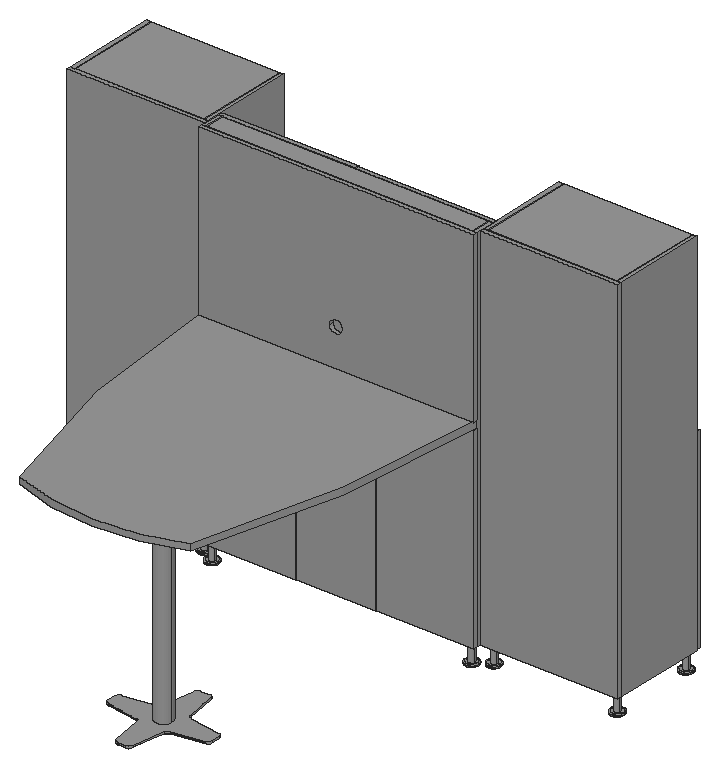
Revit family "MT007", category Furniture, Revit 2015
Parameters
  Series = "Moto"
  Manufacturer = "JSI"
  Description = "MT007"
Reference planes (in)
  plane 1 "Center Front/Back": y = 0
  plane 2: z = 0
  plane 3 "Center Left/Right": x = 0
Dimensions and locks (in)
  aligned and locked: level to plane 2
Nested families (in)
  nested 1: "JSI-MOTO-Wedge-Frstd_Media_Tables" at (-23, 0, 0), type "MTT4872-39MACW - Wedge Top, 48x72 Wksf, 39 H Wksf - Laminate"
    with Leg Distance 1' - 3 3/4", Depth 6' - 0"
  nested 2: "JSI-MOTO-Bookcase_Cab-Single" at (25, -17.25, 0) x (-1, 0, 0) z (0, 0, 1), type "MTT1824-68SDL - Bkcs Strg, L , 68 H - Laminate"
    with c 0' - 2 3/4", Shelf Height 2 4' - 2.58563", Shelf Height 1 3' - 1 3/4", Shelf Height 2' - 0 3/4", Height 5' - 8", Door Height 3' - 1 3/8"
  nested 3: "JSI-MOTO-Bookcase_Cab-Single" at (-23, -17.25, 0) x (-1, 0, 0) z (0, 0, 1), type "MTT1824-68SDR - Bkcs Strg, R , 68 H - Laminate"
    with Shelf Height 2 4' - 2.59", Shelf Height 1 3' - 1 3/4", Shelf Height 2' - 0 3/4", R yes, Insertion point 0' - 0", Height 5' - 8", Door Height 3' - 1.38"
Definition of nested family "JSI-MOTO-Wedge-Frstd_Media_Tables"
  Parameters (values of type "MOTO - BowFront Frstd Media Table - Type Catalog Family")
    Worksurface = none
    Width = 4' - 0"
    URL = "www.jsifurniture.com"
    Type Comments = ""
    Shelf Height = if(Height = 5' 8", 1' 7 3/4", 1' 4 3/4")  # 1' - 7 3/4"
    Shelf = none
    Series = "MOTO"  # constant formula
    Model = "MTT4854-39MACW"
    Material = ""
    Manufacturer = "JSI"  # constant formula
    Legs = none
    Leg Distance = if(Depth = 4' 6", 0' 9 3/4", if(Depth < 6' 6", 1' 3 3/4", if(Depth = 7' 0", 1' 6 1/2", 1' 3 3/4")))  # 0' - 9 3/4"
    Keynote = "12500"
    JSI Environmental Website = "http://www.jsifurniture.com/jsi_sustainability_intro.php"
    Height = 5' - 8"
    Door Front = none
    Description = "Wedge Shape Top, 48\"x54\" Worksurface, 39\" H Worksurface - Laminate"
    Depth = 4' - 6"
    Chassis = none
    Assembly Code = "E2020200"
  Reference planes (in)
    plane 1 "Center Front/Back": y = 0
    plane 2: z = 0
    plane 3 "Center Left/Right": x = 0
    plane 4: z = 0
    plane 5: x = 48
    plane 6: y = -54
    plane 7: z = 68
    plane 8: z = 38.6399
    plane 9: z = 37.4524
    plane 10: y = -18.625
    plane 11: y = -13.625
    plane 12: z = 3.2024
    plane 13: y = -17.875
    plane 14: y = -14.36025
    plane 15: z = 19.75
    plane 16: z = 19
    plane 17: z = 3.9524
    plane 18: y = -0.875
    plane 19: x = 24
    plane 20: y = -44.25
    plane 21: z = 33.4524
    plane 22: z = 37.2649
    plane 23: x = 1.3692
    plane 24: x = 46.62891
    plane 25: y = -1.5005
    plane 26: y = -17.36957
    plane 27: y = -30
    plane 28: z = 39.47483
    plane 29: z = 39.0774
    plane 30: x = 12.125
    plane 31: x = 12.875
    plane 32: x = 35.875
    plane 33: x = 35.125
    plane 34: x = 47.875
    plane 35: x = 0.125
    plane 36: y = -1.125
    plane 37: x = 47.25
    plane 38: x = 0.75
    plane 39: z = 37.3274
    plane 40: z = 36.7024
    plane 41: z = 67.2024
    plane 42: z = 38.2024
    plane 43: z = 2.9524
    plane 44: x = 9.11736
    plane 45: x = 38.88264
    plane 46: y = -50.97293
  Forms (in)
    Extrusion 1, solid, material <- "Worksurface"
      sketch origin (0, 0, 0) x (1, 0, 0) y (0, 1, 0)
        loop
          line (0, 0) -> (0, -14.36025) -> (48, -14.36025) -> (48, 0) -> (0, 0)
      from 37.4524 to 38.6399
    Extrusion 2, solid, material <- "Door Front"
      sketch origin (0, 0, 0) x (1, 0, 0) y (0, 0, 1)
        loop
          line (0, 3.2024) -> (16.9375, 3.2024) -> (16.9375, 37.3274) -> (9.96875, 37.3274)
          arc (9.96875, 37.3274) -> (8.46875, 35.8274) -> (6.96875, 37.3274) r 1.5
          line (6.96875, 37.3274) -> (0, 37.3274) -> (0, 3.2024)
        loop
          line (48, 3.2024) -> (48, 37.3274) -> (41.03125, 37.3274)
          arc (41.03125, 37.3274) -> (39.53125, 35.8274) -> (38.03125, 37.3274) r 1.5
          line (38.03125, 37.3274) -> (31.0625, 37.3274) -> (31.0625, 3.2024) -> (48, 3.2024)
      from 17.875 to 18.625
    Extrusion 3, solid, material <- "Chassis"
      sketch origin (0, 0, 0) x (1, 0, 0) y (0, 0, 1)
        loop
          line (17.125, 33.2024) -> (17.125, 3.2024) -> (30.875, 3.2024) -> (30.875, 33.2024) -> (17.125, 33.2024)
        loop
          line (0, 38.6399) -> (48, 38.6399) -> (48, 68) -> (0, 68) -> (0, 38.6399)
        loop
          circle (24, 45.125) r 1.15604
      from 17.875 to 18.625
    Extrusion 4, solid, material <- "Chassis"
      sketch origin (0, 0, 0) x (1, 0, 0) y (0, 0, 1)
        loop
          line (0, 68) -> (0, 3.2024) -> (0.75, 3.2024) -> (0.75, 68) -> (0, 68)
        loop
          line (48, 3.2024) -> (48, 68) -> (47.25, 68) -> (47.25, 3.2024) -> (48, 3.2024)
      from 14.36025 to 17.875
    Extrusion 5, solid, material <- "Door Front"
      sketch origin (0, 0, 0) x (1, 0, 0) y (0, 0, 1)
        loop
          line (48, 68) -> (24, 68) -> (24, 39.0774) -> (48, 39.0774) -> (48, 68)
        loop
          line (23.875, 39.0774) -> (23.875, 68) -> (0, 68) -> (0, 39.0774) -> (23.875, 39.0774)
      from 13.625 to 14.36025
    Extrusion 6, solid, material <- "Shelf"
      sketch origin (0, 0, 0) x (1, 0, 0) y (0, 0, 1)
        loop
          line (0.125, 19) -> (12.125, 19) -> (12.125, 19.75) -> (0.125, 19.75) -> (0.125, 19)
        loop
          line (35.875, 19) -> (47.875, 19) -> (47.875, 19.75) -> (35.875, 19.75) -> (35.875, 19)
        loop
          line (47.875, 3.9524) -> (0.125, 3.9524) -> (0.125, 3.2024) -> (47.875, 3.2024) -> (47.875, 3.9524)
      from 0.875 to 13.625
    Extrusion 7, solid, material <- "Door Front"
      sketch origin (0, 0, 0) x (1, 0, 0) y (0, 0, 1)
        loop
          line (48, 37.4524) -> (35.125, 37.4524) -> (35.125, 3.2024) -> (48, 3.2024) -> (48, 37.4524)
        loop
          line (12.875, 3.2024) -> (12.875, 37.4524) -> (0, 37.4524) -> (0, 3.2024) -> (12.875, 3.2024)
      from 0.125 to 0.875
    Extrusion 8, solid, material <- "Chassis"
      sketch origin (0, 0, 0) x (1, 0, 0) y (0, 0, 1)
        loop
          line (35.875, 36.7024) -> (35.125, 36.7024) -> (35.125, 3.9524) -> (35.875, 3.9524) -> (35.875, 36.7024)
        loop
          line (12.125, 36.7024) -> (12.125, 3.9524) -> (12.875, 3.9524) -> (12.875, 36.7024) -> (12.125, 36.7024)
      from 0.875 to 13.625
    Extrusion 9, solid, material <- "Shelf"
      sketch origin (0, 0, 0) x (1, 0, 0) y (0, 0, 1)
        loop
          line (35.125, 19.75) -> (12.875, 19.75) -> (12.875, 19) -> (35.125, 19) -> (35.125, 19.75)
      from 1.125 to 13.625
    Extrusion 10, solid, material <- "Chassis"
      sketch origin (0, 0, 0) x (1, 0, 0) y (0, 0, 1)
        loop
          line (0, 37.4524) -> (0, 3.2024) -> (48, 3.2024) -> (48, 37.4524) -> (0, 37.4524)
      from 13.625 to 14.36025
    Extrusion 11, solid, material <- "Chassis"
      sketch origin (0, 0, 0) x (1, 0, 0) y (0, 1, 0)
        loop
          line (17.5, -14.36025) -> (17.5, -37.125) -> (30.5, -37.125) -> (30.5, -14.36025) -> (29.75, -14.36025) -> (29.75, -36.375) -> (18.25, -36.375) -> (18.25, -14.36025) -> (17.5, -14.36025)
      from 33.4524 to 37.4524
    Extrusion 12, solid, material <- "Legs"
      sketch origin (0, 0, 0) x (1, 0, 0) y (0, 1, 0)
        loop
          circle (24, -44.25) r 1.5
      from 0.4524 to 37.2649
    Extrusion 13, solid, material <- "Legs"
      sketch origin (0, 0, 0) x (1, 0, 0) y (0, 1, 0)
        loop
          line (31, -50.74947) -> (31, -37.74957)
          arc (31, -37.74957) -> (30.85355, -37.39601) -> (30.5, -37.24957) r 0.5
          line (30.5, -37.24957) -> (17.5, -37.24957)
          arc (17.5, -37.24957) -> (17.14645, -37.39601) -> (17, -37.74957) r 0.5
          line (17, -37.74957) -> (17, -50.74947)
          arc (17, -50.74947) -> (17.14645, -51.10302) -> (17.5, -51.24947) r 0.5
          line (17.5, -51.24947) -> (30.5, -51.24947)
          arc (30.5, -51.24947) -> (30.85355, -51.10302) -> (31, -50.74947) r 0.5
      from 37.2649 to 37.4524
    Revolve 14, solid, material <- "Legs"
      sketch origin (-31.23506, -1.5005, 48) x (1, 0, 0) y (0, 0, 1)
        loop
          line (33.11209, -47.625) -> (33.11209, -45.0476) -> (32.61209, -45.0476) -> (32.61209, -48) -> (33.66183, -48)
          arc (33.66183, -48) -> (33.75021, -47.96339) -> (33.78683, -47.875) r 0.125
          line (33.78683, -47.875) -> (33.78683, -47.74862)
          arc (33.78683, -47.74862) -> (33.75062, -47.66121) -> (33.6632, -47.625) r 0.12362
          line (33.6632, -47.625) -> (33.11209, -47.625)
        axis (32.61209, -45.0476) -> (32.61209, -48)
      angle from 0 to 360
    Revolve 15, solid, material <- "Legs"
      sketch origin (-31.23506, -17.36957, 48) x (1, 0, 0) y (0, 0, 1)
        loop
          line (33.11209, -47.625) -> (33.11209, -45.0476) -> (32.61209, -45.0476) -> (32.61209, -48) -> (33.66183, -48)
          arc (33.66183, -48) -> (33.75021, -47.96339) -> (33.78683, -47.875) r 0.125
          line (33.78683, -47.875) -> (33.78683, -47.74862)
          arc (33.78683, -47.74862) -> (33.75062, -47.66121) -> (33.6632, -47.625) r 0.12362
          line (33.6632, -47.625) -> (33.11209, -47.625)
        axis (32.61209, -45.0476) -> (32.61209, -48)
      angle from 0 to 360
    Revolve 16, solid, material <- "Legs"
      sketch origin (14.02465, -1.5005, 48) x (1, 0, 0) y (0, 0, 1)
        loop
          line (33.11209, -47.625) -> (33.11209, -45.0476) -> (32.61209, -45.0476) -> (32.61209, -48) -> (33.66183, -48)
          arc (33.66183, -48) -> (33.75021, -47.96339) -> (33.78683, -47.875) r 0.125
          line (33.78683, -47.875) -> (33.78683, -47.74862)
          arc (33.78683, -47.74862) -> (33.75062, -47.66121) -> (33.6632, -47.625) r 0.12362
          line (33.6632, -47.625) -> (33.11209, -47.625)
        axis (32.61209, -45.0476) -> (32.61209, -48)
      angle from 0 to 360
    Revolve 17, solid, material <- "Legs"
      sketch origin (14.02465, -17.36957, 48) x (1, 0, 0) y (0, 0, 1)
        loop
          line (33.11209, -47.625) -> (33.11209, -45.0476) -> (32.61209, -45.0476) -> (32.61209, -48) -> (33.66183, -48)
          arc (33.66183, -48) -> (33.75021, -47.96339) -> (33.78683, -47.875) r 0.125
          line (33.78683, -47.875) -> (33.78683, -47.74862)
          arc (33.78683, -47.74862) -> (33.75062, -47.66121) -> (33.6632, -47.625) r 0.12362
          line (33.6632, -47.625) -> (33.11209, -47.625)
        axis (32.61209, -45.0476) -> (32.61209, -48)
      angle from 0 to 360
    Extrusion 18, solid, material <- "Legs"
      sketch origin (0, 0, 0) x (1, 0, 0) y (0, 1, 0)
        loop
          line (4.23579, -2.30249) -> (1.75329, -0.85239)
          arc (1.75329, -0.85239) -> (1.0033, -0.84859) -> (0.62501, -1.4962) r 0.75
          line (0.62501, -1.4962) -> (0.61044, -4.37116)
          arc (0.61044, -4.37116) -> (0.71893, -4.63688) -> (0.98353, -4.74806) r 0.375
          line (0.98353, -4.74806) -> (3.01839, -4.75837)
          arc (3.01839, -4.75837) -> (3.20614, -4.70908) -> (3.34409, -4.57252) r 0.375
          line (3.34409, -4.57252) -> (4.37045, -2.81544)
          arc (4.37045, -2.81544) -> (4.40936, -2.53108) -> (4.23579, -2.30249) r 0.375
        loop
          line (4.41779, -15.36027) -> (2.64559, -14.36025)
          arc (2.64559, -14.36025) -> (2.36068, -14.32559) -> (2.13471, -14.50255) r 0.375
          line (2.13471, -14.50255) -> (0.72182, -17.00642)
          arc (0.72182, -17.00642) -> (0.72921, -17.75638) -> (1.38239, -18.12496) r 0.75
          line (1.38239, -18.12496) -> (4.25725, -18.09663)
          arc (4.25725, -18.09663) -> (4.52132, -17.98419) -> (4.62854, -17.71795) r 0.375
          line (4.62854, -17.71795) -> (4.60848, -15.68317)
          arc (4.60848, -15.68317) -> (4.5564, -15.49617) -> (4.41779, -15.36027) r 0.375
        loop
          line (43.63279, -2.8228) -> (44.66347, -4.57735)
          arc (44.66347, -4.57735) -> (44.80175, -4.71357) -> (44.98963, -4.7624) r 0.375
          line (44.98963, -4.7624) -> (47.02445, -4.74709)
          arc (47.02445, -4.74709) -> (47.28878, -4.63526) -> (47.39662, -4.36927) r 0.375
          line (47.39662, -4.36927) -> (47.37498, -1.49435)
          arc (47.37498, -1.49435) -> (46.9951, -0.84768) -> (46.24512, -0.85332) r 0.75
          line (46.24512, -0.85332) -> (43.76619, -2.30952)
          arc (43.76619, -2.30952) -> (43.59319, -2.53853) -> (43.63279, -2.8228) r 0.375
        loop
          line (45.35441, -14.36025) -> (43.58221, -15.36027)
          arc (43.58221, -15.36027) -> (43.4436, -15.49617) -> (43.39152, -15.68317) r 0.375
          line (43.39152, -15.68317) -> (43.37146, -17.71795)
          arc (43.37146, -17.71795) -> (43.47868, -17.98419) -> (43.74275, -18.09663) r 0.375
          line (43.74275, -18.09663) -> (46.61761, -18.12496)
          arc (46.61761, -18.12496) -> (47.27079, -17.75638) -> (47.27818, -17.00642) r 0.75
          line (47.27818, -17.00642) -> (45.86529, -14.50255)
          arc (45.86529, -14.50255) -> (45.63932, -14.32559) -> (45.35441, -14.36025) r 0.375
      from 2.9524 to 3.2024
    Extrusion 19, solid, material <- "Worksurface"
      sketch origin (0, 0, 0) x (1, 0, 0) y (0, 1, 0)
        loop
          arc (0, -17.875) -> (2.7527, -34.92145) -> (9.11736, -50.97293) r 79.58344
          arc (9.11736, -50.97293) -> (24, -54) -> (38.88264, -50.97293) r 38.09895
          arc (38.88264, -50.97293) -> (45.2473, -34.92145) -> (48, -17.875) r 79.58344
          line (48, -17.875) -> (0, -17.875)
      from 37.4524 to 38.6399
    Extrusion 20, solid, material <- "Worksurface"
      sketch origin (0, 0, 0) x (1, 0, 0) y (0, 0, 1)
        loop
          line (0.75, 67.2024) -> (47.25, 67.2024) -> (47.25, 68) -> (0.75, 68) -> (0.75, 67.2024)
      from 14.36025 to 17.875
    Extrusion 21, solid, material <- "Chassis"
      sketch origin (0, 0, 0) x (0, 1, 0) y (0, 0, 1)
        loop
          line (-14.36025, 67.2024) -> (-17.875, 67.2024) -> (-17.875, 48.2024) -> (-17.125, 48.2024)
          arc (-17.125, 48.2024) -> (-16.59467, 47.98273) -> (-16.375, 47.4524) r 0.75
          line (-16.375, 47.4524) -> (-16.375, 42.9524)
          arc (-16.375, 42.9524) -> (-16.59467, 42.42207) -> (-17.125, 42.2024) r 0.75
          line (-17.125, 42.2024) -> (-17.875, 42.2024) -> (-17.875, 23.7024) -> (-17.125, 23.7024)
          arc (-17.125, 23.7024) -> (-16.59467, 23.48273) -> (-16.375, 22.9524) r 0.75
          line (-16.375, 22.9524) -> (-16.375, 18.4524)
          arc (-16.375, 18.4524) -> (-16.59467, 17.92207) -> (-17.125, 17.7024) r 0.75
          line (-17.125, 17.7024) -> (-17.875, 17.7024) -> (-17.875, 3.9524) -> (-14.36025, 3.9524) -> (-14.36025, 67.2024)
      from 16.75 to 17.5
    Extrusion 22, solid, material <- "Chassis"
      sketch origin (0, 0, 0) x (0, 1, 0) y (0, 0, 1)
        loop
          line (-14.36025, 67.2024) -> (-17.875, 67.2024) -> (-17.875, 48.2024) -> (-17.125, 48.2024)
          arc (-17.125, 48.2024) -> (-16.59467, 47.98273) -> (-16.375, 47.4524) r 0.75
          line (-16.375, 47.4524) -> (-16.375, 42.9524)
          arc (-16.375, 42.9524) -> (-16.59467, 42.42207) -> (-17.125, 42.2024) r 0.75
          line (-17.125, 42.2024) -> (-17.875, 42.2024) -> (-17.875, 23.7024) -> (-17.125, 23.7024)
          arc (-17.125, 23.7024) -> (-16.59467, 23.48273) -> (-16.375, 22.9524) r 0.75
          line (-16.375, 22.9524) -> (-16.375, 18.4524)
          arc (-16.375, 18.4524) -> (-16.59467, 17.92207) -> (-17.125, 17.7024) r 0.75
          line (-17.125, 17.7024) -> (-17.875, 17.7024) -> (-17.875, 3.9524) -> (-14.36025, 3.9524) -> (-14.36025, 67.2024)
      from 30.5 to 31.25
    Extrusion 23, solid, material <- "Chassis"
      sketch origin (0, 0, 0) x (1, 0, 0) y (0, 1, 0)
        loop
          line (0.75, -17.875) -> (5.75, -17.875) -> (5.75, -16.625)
          arc (5.75, -16.625) -> (5.82322, -16.44822) -> (6, -16.375) r 0.25
          line (6, -16.375) -> (11.5, -16.375)
          arc (11.5, -16.375) -> (11.67678, -16.44822) -> (11.75, -16.625) r 0.25
          line (11.75, -16.625) -> (11.75, -17.875) -> (21, -17.875) -> (21, -16.625)
          arc (21, -16.625) -> (21.07322, -16.44822) -> (21.25, -16.375) r 0.25
          line (21.25, -16.375) -> (26.75, -16.375)
          arc (26.75, -16.375) -> (26.92678, -16.44822) -> (27, -16.625) r 0.25
          line (27, -16.625) -> (27, -17.875) -> (36.25, -17.875) -> (36.25, -16.625)
          arc (36.25, -16.625) -> (36.32322, -16.44822) -> (36.5, -16.375) r 0.25
          line (36.5, -16.375) -> (42, -16.375)
          arc (42, -16.375) -> (42.17678, -16.44822) -> (42.25, -16.625) r 0.25
          line (42.25, -16.625) -> (42.25, -17.875) -> (47.25, -17.875) -> (47.25, -14.36025) -> (0.75, -14.36025) -> (0.75, -17.875)
      from 37.4524 to 38.2024
  Cuts and joins
    joined: Extrusion 1, Extrusion 19
  Lines and regions (in)
    symbolic lines
      curve 1: line (0, -13.625, 0) -> (48, -13.625, 0)
      curve 2: line (48, -18.625, 0) -> (0, -18.625, 0)
      curve 3: line (48, 0, 0) -> (0, 0, 0)
      curve 6: line (0, -18.625, 0) -> (0, 0, 0)
      curve 7: line (48, -18.625, 0) -> (48, 0, 0)
      curve 8: arc (0, -17.875, 37.4524) -> (2.7527, -34.92145, 37.4524) -> (9.11736, -50.97293, 37.4524) r 79.58344
      curve 9: arc (48, -17.875, 37.4524) -> (45.2473, -34.92145, 37.4524) -> (38.88264, -50.97293, 37.4524) r 79.58344
      curve 10: arc (9.11736, -50.97293, 37.4524) -> (24, -54, 37.4524) -> (38.88264, -50.97293, 37.4524) r 38.09895
    symbolic lines, detail levels medium+fine
      curve 4: line (12.875, -13.625, 0) -> (12.875, 0, 0)
      curve 5: line (35.125, -13.625, 0) -> (35.125, 0, 0)
  Dimensions and locks (in)
    "Width": plane 3 "Center Left/Right" to plane 5
    "Depth": plane 6 to plane 1 "Center Front/Back"
    "Height": plane 7 to plane 4
    locked: plane 8 to plane 9 at 1.1875
    locked: plane 7 to plane 8 at 29.3601
    "Leg Distance": plane 20 to plane 6
    locked: plane 9 to plane 21 at 4
    Extrusion 13 sketch curve to plane 20 to Extrusion 13 sketch curve = 0' - 6.99947" locked, 0' - 7.00043" locked
    Extrusion 13 sketch curve to plane 19 to Extrusion 13 sketch curve = 0' - 7" locked, 0' - 7" locked
    plane 42 to plane 9 to plane 22 to plane 40 = 0' - 0 3/4" locked, 0' - 0 3/16" locked, 0' - 0 9/16" locked
    plane 3 "Center Left/Right" to plane 23 = 0' - 1.3692"
    plane 24 to plane 5 = 0' - 1 95/256"
    locked: plane 6 to plane 27 at 24
    Extrusion 11 sketch curve to Extrusion 11 sketch curve to plane 11 = 0' - 0 3/4" locked, 1' - 10 3/4" locked
    locked: plane 15 to plane 16 at 0.75
    "Shelf Height": plane 15 to plane 4
    plane 28 to level = 3' - 3.47483"
    locked: Extrusion 3 sketch curve to plane 8 at 6.4851
    locked: plane 29 to plane 8 at 0.4375
    plane 33 to plane 32 to plane 5 = 0' - 0 3/4" locked, 1' - 0 1/8" locked
    plane 3 "Center Left/Right" to plane 30 to plane 31 = 1' - 0 1/8" locked, 0' - 0 3/4" locked
    locked: plane 34 to plane 5 at 0.125
    locked: plane 3 "Center Left/Right" to plane 35 at 0.125
    plane 10 to plane 13 to plane 14 to plane 11 to plane 25 to plane 18 to plane 1 "Center Front/Back" = 0' - 0 3/4" locked, 0' - 3.51475" locked, 0' - 0.73525" locked, 1' - 0.1245" locked, 0' - 0.6255" locked, 0' - 0 7/8" locked
    locked: plane 36 to plane 18 at 0.25
    locked: plane 3 "Center Left/Right" to plane 38 at 0.75
    locked: plane 37 to plane 5 at 0.75
    locked: plane 39 to plane 22 at 0.0625
    locked: plane 7 to plane 41 at 0.7976
    plane 17 to plane 12 to plane 43 to level = 0' - 0 3/4" locked, 0' - 0 1/4" locked, 0' - 2.9524" locked
    Extrusion 21 sketch curve to Extrusion 21 sketch curve to Extrusion 22 = 0' - 6" locked, 1' - 1 3/4" locked
    Extrusion 21 sketch curve to Extrusion 21 sketch curve to Extrusion 20 = 0' - 6" locked, 1' - 7" locked
    locked: Extrusion 21 sketch curve to Extrusion 4 at 1.5
    Extrusion 22 sketch curve to Extrusion 22 sketch curve to Extrusion 20 = 0' - 6" locked, 1' - 7" locked
    Extrusion 22 sketch curve to Extrusion 22 sketch curve to Extrusion 22 sketch curve = 0' - 6" locked, 1' - 1 3/4" locked
    locked: Extrusion 22 sketch curve to Extrusion 4 at 1.5
    locked: plane 1 "Center Front/Back" to Extrusion 7 at 0.125
    Extrusion 20 to Extrusion 23 sketch curve to Extrusion 23 sketch curve to Extrusion 23 sketch curve = 0' - 5" locked, 0' - 6" locked, 0' - 9 1/4" locked
    Extrusion 23 sketch curve to Extrusion 23 sketch curve to Extrusion 23 sketch curve to Extrusion 20 = 0' - 9 1/4" locked, 0' - 6" locked, 0' - 5" locked
    locked: Extrusion 20 to Extrusion 23 sketch curve at 1.5
    locked: plane 3 "Center Left/Right" to plane 44 at 9.11736
    locked: plane 45 to plane 5 at 9.11736
    locked: plane 46 to plane 6 at 3.02707
    aligned and locked: level to plane 2
    aligned and locked: Extrusion 1 to plane 8
    aligned and locked: plane 9 to Extrusion 1
    aligned and locked: Extrusion 11 to plane 9
    aligned and locked: plane 21 to Extrusion 11
    aligned and locked: Extrusion 13 to plane 9
    aligned and locked: plane 22 to Extrusion 13
    aligned and locked: plane 19 to nested 1
    aligned and locked: nested 1 to plane 20
    aligned and locked: Extrusion 19 to plane 8
    aligned and locked: plane 9 to Extrusion 19
    aligned and locked: plane 29 to Extrusion 5  (x2)
    aligned and locked: plane 30 to Extrusion 8
    aligned and locked: Extrusion 8 to plane 31
    aligned and locked: plane 33 to Extrusion 8
    aligned and locked: Extrusion 8 to plane 32
    aligned and locked: plane 32 to Extrusion 6  (x2)
    aligned and locked: Extrusion 6 to plane 34
    aligned and locked: plane 35 to Extrusion 6
    aligned and locked: Extrusion 6 to plane 30
    aligned and locked: Extrusion 6 to plane 18
    aligned and locked: Extrusion 5 to plane 11
    aligned and locked: Extrusion 9 to plane 36
    aligned and locked: plane 11 to Extrusion 9
    aligned and locked: curve 4 to plane 31
    aligned and locked: curve 5 to plane 33
    aligned and locked: Extrusion 7 to plane 31
    aligned and locked: plane 33 to Extrusion 7
    aligned and locked: plane 5 to Extrusion 7
    aligned and locked: Extrusion 7 to plane 3 "Center Left/Right"
    aligned and locked: Extrusion 10 to plane 11
    aligned and locked: Extrusion 20 to plane 14
    aligned and locked: plane 14 to Extrusion 5
    aligned and locked: Extrusion 5 to plane 3 "Center Left/Right"
    aligned and locked: plane 5 to Extrusion 5
    aligned and locked: plane 5 to Extrusion 10
    aligned and locked: Extrusion 10 to plane 3 "Center Left/Right"
    aligned and locked: plane 11 to Extrusion 10
    aligned and locked: plane 14 to Extrusion 10
    aligned and locked: plane 14 to cut or joined group of Extrusion 1, Extrusion 19  (x2)
    aligned and locked: cut or joined group of Extrusion 1, Extrusion 19 to plane 1 "Center Front/Back"  (x2)
    aligned and locked: cut or joined group of Extrusion 1, Extrusion 19 to plane 3 "Center Left/Right"  (x2)
    aligned and locked: plane 5 to cut or joined group of Extrusion 1, Extrusion 19  (x2)
    aligned and locked: Extrusion 23 to plane 14
    aligned and locked: plane 13 to Extrusion 20
    aligned and locked: Extrusion 20 to plane 37
    aligned and locked: plane 38 to Extrusion 20
    aligned and locked: Extrusion 4 to plane 38  (x2)
    aligned and locked: plane 37 to Extrusion 4
    aligned and locked: Extrusion 23 to Extrusion 4
    aligned and locked: Extrusion 4 to plane 37
    aligned and locked: plane 5 to Extrusion 4
    aligned and locked: Extrusion 4 to plane 3 "Center Left/Right"
    aligned and locked: Extrusion 4 to plane 14
    aligned and locked: plane 13 to Extrusion 4
    aligned and locked: Extrusion 3 to plane 13
    aligned and locked: plane 10 to Extrusion 3
    aligned and locked: Extrusion 3 to plane 3 "Center Left/Right"
    aligned and locked: plane 5 to Extrusion 3
    aligned and locked: Extrusion 2 to plane 13
    aligned and locked: plane 10 to Extrusion 2
    aligned and locked: plane 5 to Extrusion 2
    aligned and locked: Extrusion 2 to plane 3 "Center Left/Right"
    aligned and locked: Extrusion 21 to plane 14
    aligned and locked: plane 13 to Extrusion 21
    aligned and locked: plane 13 to Extrusion 22
    aligned and locked: Extrusion 22 to plane 14
    aligned and locked: Extrusion 11 to plane 14  (x2)
    aligned and locked: plane 31 to Extrusion 9
    aligned and locked: Extrusion 9 to plane 33
    aligned and locked: plane 36 to Extrusion 9
    aligned and locked: Extrusion 9 to plane 11
    aligned and locked: plane 7 to Extrusion 3
    aligned and locked: plane 12 to Extrusion 3
    aligned and locked: plane 12 to Extrusion 10
    aligned and locked: Extrusion 10 to plane 9
    aligned and locked: Extrusion 2 to plane 39  (x3)
    aligned and locked: plane 12 to Extrusion 2  (x2)
    aligned and locked: Extrusion 8 to plane 40  (x2)
    aligned and locked: plane 17 to Extrusion 21
    aligned and locked: plane 17 to Extrusion 8
    aligned and locked: plane 12 to Extrusion 7  (x2)
    aligned and locked: Extrusion 7 to plane 9  (x2)
    aligned and locked: Extrusion 6 to plane 15  (x2)
    aligned and locked: Extrusion 9 to plane 15
    aligned and locked: Extrusion 6 to plane 16
    aligned and locked: plane 16 to Extrusion 9
    aligned and locked: plane 16 to Extrusion 6
    aligned and locked: plane 17 to Extrusion 22
    aligned and locked: Extrusion 22 to plane 41
    aligned and locked: plane 7 to Extrusion 20
    aligned and locked: plane 41 to Extrusion 20
    aligned and locked: plane 7 to Extrusion 5  (x2)
    aligned and locked: cut or joined group of Extrusion 1, Extrusion 19 to plane 8
    aligned and locked: plane 9 to cut or joined group of Extrusion 1, Extrusion 19
    aligned and locked: Extrusion 23 to plane 42
    aligned and locked: plane 9 to Extrusion 23
    aligned and locked: plane 8 to cut or joined group of Extrusion 1, Extrusion 19  (x2)
    aligned and locked: cut or joined group of Extrusion 1, Extrusion 19 to plane 9  (x2)
    aligned and locked: Extrusion 11 to plane 21
    aligned and locked: Extrusion 13 to plane 22  (x2)
    aligned and locked: plane 9 to Extrusion 13
    aligned and locked: plane 12 to Extrusion 4  (x2)
    aligned and locked: plane 7 to Extrusion 4  (x2)
    aligned and locked: Extrusion 18 to plane 12
    aligned and locked: plane 43 to Extrusion 18
    aligned and locked: Extrusion 12 to nested 1
    aligned and locked: Extrusion 21 sketch curve to Extrusion 21 sketch curve  (x3)
    aligned and locked: Extrusion 22 sketch curve to Extrusion 22 sketch curve  (x3)
    aligned and locked: plane 17 to Extrusion 6
    aligned and locked: plane 18 to Extrusion 7
    aligned and locked: Extrusion 23 sketch curve to Extrusion 23 sketch curve  (x5)
    aligned and locked: Extrusion 12 to plane 22
    aligned and locked: plane 44 to Extrusion 19 sketch curve
    aligned and locked: plane 46 to Extrusion 19 sketch curve  (x2)
    aligned and locked: plane 45 to Extrusion 19 sketch curve
    aligned and locked: plane 13 to Extrusion 23
    aligned and locked: plane 46 to curve 8
    aligned and locked: plane 45 to curve 9
    aligned and locked: plane 44 to curve 10
    aligned and locked: plane 46 to curve 10
  Automatic sketch dimensions
    curve 7 to plane 5 = 0' - 0"
    plane 10 to curve 6 = 0' - 0"
    plane 11 to curve 4 = 0' - 0"
    plane 1 "Center Front/Back" to curve 5 = 0' - 0"
    Extrusion 1 sketch curve to plane 3 "Center Left/Right" = 0' - 0"
    Extrusion 1 sketch curve to plane 5 = 0' - 0"
    plane 14 to Extrusion 1 sketch curve = 0' - 0"
    plane 1 "Center Front/Back" to Extrusion 1 sketch curve = 0' - 0"
    Extrusion 2 sketch curve to plane 3 "Center Left/Right" = 0' - 0"
    Extrusion 2 sketch curve to plane 39 = 0' - 0"  (x2)
    Extrusion 2 sketch curve to plane 12 = 0' - 0"  (x2)
    Extrusion 2 sketch curve to plane 5 = 0' - 0"
    Extrusion 2 sketch curve to plane 31 = 0' - 4 1/16"
    plane 33 to Extrusion 2 sketch curve = 0' - 4 1/16"
    Extrusion 3 sketch curve to plane 3 "Center Left/Right" = 0' - 0"
    Extrusion 3 sketch curve to plane 12 = 0' - 0"
    plane 19 to Extrusion 3 sketch curve = 0' - 0"
    Extrusion 3 sketch curve to plane 5 = 0' - 0"
    Extrusion 3 sketch curve to plane 8 = 0' - 0"
    Extrusion 3 sketch curve to plane 7 = 0' - 0"
    Extrusion 3 sketch curve to plane 31 = 0' - 4 1/4"
    plane 21 to Extrusion 3 sketch curve = 0' - 0 1/4"
    plane 33 to Extrusion 3 sketch curve = 0' - 4 1/4"
    Extrusion 4 sketch curve to plane 3 "Center Left/Right" = 0' - 0"
    Extrusion 4 sketch curve to plane 12 = 0' - 0"  (x2)
    plane 38 to Extrusion 4 sketch curve = 0' - 0"
    plane 37 to Extrusion 4 sketch curve = 0' - 0"
    Extrusion 4 sketch curve to plane 5 = 0' - 0"
    Extrusion 4 sketch curve to plane 7 = 0' - 0"  (x2)
    Extrusion 5 sketch curve to plane 3 "Center Left/Right" = 0' - 0"
    Extrusion 5 sketch curve to plane 7 = 0' - 0"  (x2)
    Extrusion 5 sketch curve to plane 29 = 0' - 0"  (x2)
    plane 19 to Extrusion 5 sketch curve = 0' - 0"
    plane 5 to Extrusion 5 sketch curve = 0' - 0"
    Extrusion 5 sketch curve to Extrusion 5 sketch curve = 0' - 0 1/8"
    Extrusion 6 sketch curve to plane 16 = 0' - 0"  (x2)
    plane 35 to Extrusion 6 sketch curve = 0' - 0"  (x2)
    plane 17 to Extrusion 6 sketch curve = 0' - 0"
    plane 15 to Extrusion 6 sketch curve = 0' - 0"
    plane 30 to Extrusion 6 sketch curve = 0' - 0"
    Extrusion 6 sketch curve to plane 15 = 0' - 0"
    plane 32 to Extrusion 6 sketch curve = 0' - 0"
    plane 34 to Extrusion 6 sketch curve = 0' - 0"  (x2)
    Extrusion 6 sketch curve to plane 12 = 0' - 0"
    Extrusion 7 sketch curve to plane 3 "Center Left/Right" = 0' - 0"
    Extrusion 7 sketch curve to plane 9 = 0' - 0"  (x2)
    plane 31 to Extrusion 7 sketch curve = 0' - 0"
    plane 33 to Extrusion 7 sketch curve = 0' - 0"
    Extrusion 7 sketch curve to plane 5 = 0' - 0"
    Extrusion 7 sketch curve to plane 12 = 0' - 0"
    plane 12 to Extrusion 7 sketch curve = 0' - 0"
    Extrusion 8 sketch curve to plane 17 = 0' - 0"  (x2)
    plane 30 to Extrusion 8 sketch curve = 0' - 0"
    Extrusion 8 sketch curve to plane 31 = 0' - 0"
    plane 33 to Extrusion 8 sketch curve = 0' - 0"
    plane 32 to Extrusion 8 sketch curve = 0' - 0"
    Extrusion 8 sketch curve to plane 40 = 0' - 0"  (x2)
    Extrusion 9 sketch curve to plane 15 = 0' - 0"
    plane 31 to Extrusion 9 sketch curve = 0' - 0"
    Extrusion 9 sketch curve to plane 16 = 0' - 0"
    plane 33 to Extrusion 9 sketch curve = 0' - 0"
    Extrusion 10 sketch curve to plane 3 "Center Left/Right" = 0' - 0"
    Extrusion 10 sketch curve to plane 5 = 0' - 0"
    plane 12 to Extrusion 10 sketch curve = 0' - 0"
    Extrusion 10 sketch curve to plane 9 = 0' - 0"
    Extrusion 11 sketch curve to plane 14 = 0' - 0"
    plane 14 to Extrusion 11 sketch curve = 0' - 0"
    Extrusion 11 sketch curve to plane 31 = 0' - 4 5/8"
    Extrusion 11 sketch curve to Extrusion 11 sketch curve = 0' - 0 3/4"  (x2)
    plane 33 to Extrusion 11 sketch curve = 0' - 5 3/8"
    Extrusion 12 sketch curve to plane 19 = 0' - 0"
    Extrusion 12 sketch curve to plane 20 = 0' - 0"
    Extrusion 13 sketch curve to Extrusion 13 sketch curve = 0' - 0 1/2"  (x4)
    Revolve 14 sketch curve to level = 0' - 0"
    Revolve 14 sketch curve to plane 43 = 0' - 0"
    plane 23 to Revolve 14 sketch curve = 0' - 0.00783"  (x2)
    Revolve 14 sketch curve to Revolve 14 sketch curve = 0' - 0 1/2"
    Revolve 14 sketch curve to Revolve 14 sketch curve = 0' - 0.54974"
    Revolve 14 sketch curve to Revolve 14 sketch curve = 0' - 0.00138"
    Revolve 14 sketch curve to Revolve 14 sketch curve = 0' - 0 1/8"
    Revolve 14 sketch curve to Revolve 14 sketch curve = 0' - 0.12638"
    Revolve 14 sketch curve to level = 0' - 2.0476"
    Revolve 14 sketch curve to Revolve 14 sketch curve = 0' - 1"
    Revolve 15 sketch curve to level = 0' - 0"
    Revolve 15 sketch curve to plane 43 = 0' - 0"
    plane 23 to Revolve 15 sketch curve = 0' - 0.00783"  (x2)
    Revolve 15 sketch curve to Revolve 15 sketch curve = 0' - 0 1/2"
    Revolve 15 sketch curve to Revolve 15 sketch curve = 0' - 0.54974"
    Revolve 15 sketch curve to Revolve 15 sketch curve = 0' - 0.00138"
    Revolve 15 sketch curve to Revolve 15 sketch curve = 0' - 0 1/8"
    Revolve 15 sketch curve to Revolve 15 sketch curve = 0' - 0.12638"
    Revolve 15 sketch curve to level = 0' - 2.0476"
    Revolve 15 sketch curve to Revolve 15 sketch curve = 0' - 1"
    Revolve 16 sketch curve to level = 0' - 0"
    Revolve 16 sketch curve to plane 43 = 0' - 0"
    plane 24 to Revolve 16 sketch curve = 0' - 0.00783"  (x2)
    plane 37 to Revolve 16 sketch curve = 0' - 0.11326"
    plane 34 to Revolve 16 sketch curve = 0' - 0.18852"
    plane 34 to Revolve 16 sketch curve = 0' - 0.18715"
    plane 34 to Revolve 16 sketch curve = 0' - 0.06352"
    Revolve 16 sketch curve to Revolve 16 sketch curve = 0' - 0.12638"
    Revolve 16 sketch curve to level = 0' - 2.0476"
    plane 43 to Revolve 16 sketch curve = 0' - 1"
    Revolve 17 sketch curve to level = 0' - 0"
    Revolve 17 sketch curve to plane 43 = 0' - 0"
    plane 24 to Revolve 17 sketch curve = 0' - 0.00783"  (x2)
    plane 37 to Revolve 17 sketch curve = 0' - 0.11326"
    plane 34 to Revolve 17 sketch curve = 0' - 0.18852"
    plane 34 to Revolve 17 sketch curve = 0' - 0.18715"
    plane 34 to Revolve 17 sketch curve = 0' - 0.06352"
    Revolve 17 sketch curve to Revolve 17 sketch curve = 0' - 0.12638"
    Revolve 17 sketch curve to level = 0' - 2.0476"
    plane 43 to Revolve 17 sketch curve = 0' - 1"
    plane 14 to Extrusion 18 sketch curve = 0' - 0"  (x2)
    plane 38 to Extrusion 18 sketch curve = 0' - 0.13956"
    Extrusion 18 sketch curve to plane 25 = 0' - 0.0043"
    plane 38 to Extrusion 18 sketch curve = 0' - 0 1/8"
    plane 38 to Extrusion 18 sketch curve = 0' - 0.02818"
    Extrusion 18 sketch curve to plane 38 = 0' - 0.23353"
    Extrusion 18 sketch curve to plane 38 = 0' - 0.23543"
    Extrusion 18 sketch curve to plane 25 = 0' - 0.0005"  (x2)
    plane 23 to Extrusion 18 sketch curve = 0' - 0.0058"  (x2)
    plane 23 to Extrusion 18 sketch curve = 0' - 0.01319"
    Extrusion 18 sketch curve to plane 18 = 0' - 0.02261"
    plane 14 to Extrusion 18 sketch curve = 0' - 0.1423"  (x2)
    plane 23 to Extrusion 18 sketch curve = 0' - 0.76551"
    Extrusion 18 sketch curve to Extrusion 18 sketch curve = 0' - 0.32659"  (x2)
    Extrusion 18 sketch curve to Extrusion 18 sketch curve = 0' - 0.18429"  (x3)
    plane 23 to Extrusion 18 sketch curve = 0' - 1.64919"
    Extrusion 18 sketch curve to Extrusion 18 sketch curve = 0' - 0.0019"
    Extrusion 18 sketch curve to Extrusion 18 sketch curve = 0' - 0.32381"  (x2)
    Extrusion 18 sketch curve to Extrusion 18 sketch curve = 0' - 1.02636"
    Extrusion 18 sketch curve to Extrusion 18 sketch curve = 0' - 1.7722"
    plane 25 to Extrusion 18 sketch curve = 0' - 0.80199"
    Extrusion 18 sketch curve to Extrusion 18 sketch curve = 0' - 0.18914"
    Extrusion 18 sketch curve to plane 13 = 0' - 0.15335"  (x2)
    Extrusion 18 sketch curve to Extrusion 18 sketch curve = 0' - 0.02005"  (x2)
    plane 13 to Extrusion 18 sketch curve = 0' - 0.22163"  (x2)
    Extrusion 18 sketch curve to Extrusion 18 sketch curve = 0' - 0.0037"
    plane 25 to Extrusion 18 sketch curve = 0' - 1.31494"
    plane 14 to Extrusion 18 sketch curve = 0' - 1.00002"  (x2)
    plane 14 to Extrusion 18 sketch curve = 0' - 1.32292"  (x2)
    Extrusion 18 sketch curve to Extrusion 18 sketch curve = 0' - 0.19069"  (x2)
    Extrusion 18 sketch curve to plane 13 = 0' - 0.15705"  (x2)
    Extrusion 18 sketch curve to plane 24 = 0' - 3.25744"
    plane 25 to Extrusion 18 sketch curve = 0' - 1.3223"
    Extrusion 18 sketch curve to plane 24 = 0' - 2.99612"
    Extrusion 18 sketch curve to Extrusion 18 sketch curve = 0' - 0.37129"
    plane 25 to Extrusion 18 sketch curve = 0' - 0.80902"
    Extrusion 18 sketch curve to Extrusion 18 sketch curve = 0' - 0.1334"
    Extrusion 18 sketch curve to Extrusion 18 sketch curve = 0' - 0 3/8"  (x3)
    Extrusion 18 sketch curve to Extrusion 18 sketch curve = 0' - 0.32334"  (x2)
    Extrusion 18 sketch curve to plane 24 = 0' - 1.96544"
    Extrusion 18 sketch curve to Extrusion 18 sketch curve = 0' - 0.32616"
    Extrusion 18 sketch curve to plane 24 = 0' - 1.2745"
    Extrusion 18 sketch curve to plane 18 = 0' - 0.02168"
    Extrusion 18 sketch curve to plane 24 = 0' - 0.38378"
    Extrusion 18 sketch curve to plane 24 = 0' - 0.0113"
    Extrusion 18 sketch curve to plane 24 = 0' - 0 1/256"  (x2)
    plane 37 to Extrusion 18 sketch curve = 0' - 0.22837"
    plane 37 to Extrusion 18 sketch curve = 0' - 0.22555"
    Extrusion 18 sketch curve to plane 37 = 0' - 0.02818"
    Extrusion 18 sketch curve to plane 25 = 0' - 0.00614"
    Extrusion 18 sketch curve to plane 37 = 0' - 0.14662"
    plane 13 to Extrusion 18 sketch curve = 0' - 0.24996"  (x2)
    plane 26 to Extrusion 18 sketch curve = 0' - 0.00543"  (x2)
    Extrusion 18 sketch curve to Extrusion 18 sketch curve = 0' - 1.9396"
    Extrusion 18 sketch curve to Extrusion 18 sketch curve = 0' - 1.94293"
    Extrusion 18 sketch curve to Extrusion 18 sketch curve = 0' - 0.01031"
    Extrusion 18 sketch curve to Extrusion 18 sketch curve = 0' - 0.01532"
    Extrusion 18 sketch curve to Extrusion 18 sketch curve = 0' - 0.18505"
    Extrusion 18 sketch curve to Extrusion 18 sketch curve = 0' - 0.18585"
    Extrusion 20 sketch curve to plane 7 = 0' - 0"
    plane 38 to Extrusion 20 sketch curve = 0' - 0"
    plane 37 to Extrusion 20 sketch curve = 0' - 0"
    Extrusion 20 sketch curve to plane 41 = 0' - 0"
    plane 13 to Extrusion 21 sketch curve = 0' - 0"
    Extrusion 21 sketch curve to plane 14 = 0' - 0"
    Extrusion 21 sketch curve to plane 17 = 0' - 0"
    plane 41 to Extrusion 21 sketch curve = 0' - 0"
    Extrusion 21 sketch curve to plane 26 = 0' - 0.24457"  (x4)
    Extrusion 23 sketch curve to plane 38 = 0' - 0"
    plane 13 to Extrusion 23 sketch curve = 0' - 0"
    Extrusion 23 sketch curve to plane 37 = 0' - 0"
    Extrusion 23 sketch curve to plane 14 = 0' - 0"
    Extrusion 23 sketch curve to Extrusion 23 sketch curve = 0' - 0 1/4"  (x5)
    plane 30 to Extrusion 23 sketch curve = 0' - 0 5/8"
    Extrusion 22 sketch curve to plane 13 = 0' - 0"
    Extrusion 22 sketch curve to plane 14 = 0' - 0"
    Extrusion 22 sketch curve to plane 17 = 0' - 0"
    Extrusion 22 sketch curve to plane 41 = 0' - 0"
    Extrusion 22 sketch curve to plane 26 = 0' - 0.24457"  (x4)
    curve 1 to plane 3 "Center Left/Right" = 0' - 0"
    Extrusion 2 sketch curve to Extrusion 2 sketch curve = 0' - 1 1/2"  (x2)
    Extrusion 2 sketch curve to plane 32 = 0' - 2 5/32"
    plane 30 to Extrusion 2 sketch curve = 0' - 5 5/32"
    Extrusion 19 sketch curve to plane 3 "Center Left/Right" = 0' - 0"
    Extrusion 19 sketch curve to plane 5 = 0' - 0"
    plane 13 to Extrusion 19 sketch curve = 0' - 0"
    plane 11 to Extrusion 19 sketch curve = 0' - 0.16114"  (x2)
    Extrusion 19 sketch curve to plane 27 = 1' - 2.09895"
    curve 9 to plane 5 = 0' - 0"
    plane 13 to curve 9 = 0' - 0"
    curve 8 to plane 3 "Center Left/Right" = 0' - 0"
    plane 13 to curve 8 = 0' - 0"
    plane 11 to curve 8 = 0' - 0.16114"
    plane 11 to curve 9 = 0' - 0.16114"
    curve 10 to plane 27 = 1' - 2.09895"
    radius of Extrusion 3 sketch curve = 0' - 1.15604"
    radius of Extrusion 12 sketch curve = 0' - 1 1/2"
  Nested families (in)
    nested 1: "Leg Plate" at (24, -44.25, 0), type "Plate"
  Definition of nested family "Leg Plate"
    Parameters
      URL = ""
      Type Comments = ""
      Series = ""
      Model = ""
      Manufacturer = ""
      Legs = none
      Keynote = ""
      Description = ""
      Assembly Code = ""
    Reference planes (in)
      plane 1 "Center Front/Back": y = 0
      plane 2: z = 0
      plane 3 "Center Left/Right": x = 0
      plane 4: z = 0
    Forms (in)
      Extrusion 1, solid, material <- "Legs"
        sketch origin (-24, 47.37394, 0) x (1, 0, 0) y (0, 1, 0)
          loop
            arc (15.53705, -45.93231) -> (15.10497, -46.16254) -> (14.90701, -46.61032) r 0.75
            arc (14.90701, -46.61032) -> (14.875, -47.37394) -> (14.90701, -48.13757) r 9.125
            arc (14.90701, -48.13757) -> (15.10497, -48.58534) -> (15.53705, -48.81557) r 0.75
            line (15.53705, -48.81557) -> (21.06016, -49.69034)
            arc (21.06016, -49.69034) -> (21.47316, -49.90078) -> (21.6836, -50.31378) r 0.75
            line (21.6836, -50.31378) -> (22.55837, -55.83689)
            arc (22.55837, -55.83689) -> (22.7886, -56.26897) -> (23.23637, -56.46693) r 0.75
            arc (23.23637, -56.46693) -> (24, -56.49894) -> (24.76363, -56.46693) r 9.125
            arc (24.76363, -56.46693) -> (25.2114, -56.26897) -> (25.44163, -55.83689) r 0.75
            line (25.44163, -55.83689) -> (26.3164, -50.31378)
            arc (26.3164, -50.31378) -> (26.52684, -49.90078) -> (26.93984, -49.69034) r 0.75
            line (26.93984, -49.69034) -> (32.46295, -48.81557)
            arc (32.46295, -48.81557) -> (32.89503, -48.58534) -> (33.09299, -48.13757) r 0.75
            arc (33.09299, -48.13757) -> (33.125, -47.37394) -> (33.09299, -46.61032) r 9.125
            arc (33.09299, -46.61032) -> (32.89503, -46.16254) -> (32.46295, -45.93231) r 0.75
            line (32.46295, -45.93231) -> (26.93984, -45.05754)
            arc (26.93984, -45.05754) -> (26.52684, -44.8471) -> (26.3164, -44.4341) r 0.75
            line (26.3164, -44.4341) -> (25.44163, -38.91099)
            arc (25.44163, -38.91099) -> (25.2114, -38.47891) -> (24.76363, -38.28095) r 0.75
            arc (24.76363, -38.28095) -> (24, -38.24894) -> (23.23637, -38.28095) r 9.125
            arc (23.23637, -38.28095) -> (22.7886, -38.47891) -> (22.55837, -38.91099) r 0.75
            line (22.55837, -38.91099) -> (21.6836, -44.4341)
            arc (21.6836, -44.4341) -> (21.47316, -44.8471) -> (21.06016, -45.05754) r 0.75
            line (21.06016, -45.05754) -> (15.53705, -45.93231)
        from 0.2024 to 0.4524
      Extrusion 2, solid, material <- "Legs"
        sketch origin (-24, 47.37394, 0) x (1, 0, 0) y (0, 1, 0)
          loop
            arc (23.2573, -38.53007) -> (22.95878, -38.66205) -> (22.80529, -38.9501) r 0.5
            line (22.80529, -38.9501) -> (21.93052, -44.47321)
            arc (21.93052, -44.47321) -> (21.64994, -45.02388) -> (21.09927, -45.30446) r 1
            line (21.09927, -45.30446) -> (15.57616, -46.17923)
            arc (15.57616, -46.17923) -> (15.28811, -46.33272) -> (15.15613, -46.63124) r 0.5
            arc (15.15613, -46.63124) -> (15.125, -47.37394) -> (15.15613, -48.11664) r 8.875
            arc (15.15613, -48.11664) -> (15.28811, -48.41516) -> (15.57616, -48.56865) r 0.5
            line (15.57616, -48.56865) -> (21.09927, -49.44342)
            arc (21.09927, -49.44342) -> (21.64994, -49.724) -> (21.93052, -50.27467) r 1
            line (21.93052, -50.27467) -> (22.80529, -55.79778)
            arc (22.80529, -55.79778) -> (22.95878, -56.08583) -> (23.2573, -56.21781) r 0.5
            arc (23.2573, -56.21781) -> (24, -56.24894) -> (24.7427, -56.21781) r 8.875
            arc (24.7427, -56.21781) -> (25.04122, -56.08583) -> (25.19471, -55.79778) r 0.5
            line (25.19471, -55.79778) -> (26.06948, -50.27467)
            arc (26.06948, -50.27467) -> (26.35006, -49.724) -> (26.90073, -49.44342) r 1
            line (26.90073, -49.44342) -> (32.42384, -48.56865)
            arc (32.42384, -48.56865) -> (32.71189, -48.41516) -> (32.84387, -48.11664) r 0.5
            arc (32.84387, -48.11664) -> (32.875, -47.37394) -> (32.84387, -46.63124) r 8.875
            arc (32.84387, -46.63124) -> (32.71189, -46.33272) -> (32.42384, -46.17923) r 0.5
            line (32.42384, -46.17923) -> (26.90073, -45.30446)
            arc (26.90073, -45.30446) -> (26.35006, -45.02388) -> (26.06948, -44.47321) r 1
            line (26.06948, -44.47321) -> (25.19471, -38.9501)
            arc (25.19471, -38.9501) -> (25.04122, -38.66205) -> (24.7427, -38.53007) r 0.5
            arc (24.7427, -38.53007) -> (24, -38.49894) -> (23.2573, -38.53007) r 8.875
        from 0 to 0.2024
    Dimensions and locks (in)
      aligned and locked: level to plane 2
      aligned and locked: Extrusion 2 to level
      aligned and locked: Extrusion 2 to Extrusion 1
Definition of nested family "JSI-MOTO-Bookcase_Cab-Single"
  Parameters (values of type "MOTO - Bookcase Storage - Tyep Catalog Family")
    c = 0' - 0 3/4"
    b = 0' - 0 3/4"
    Origin = if(R, Width, Width)  # 2' - 0"
    Worksurface = none
    Width = 2' - 0"
    URL = "www.servex-us.com"
    Type Comments = ""
    Shelf Height 2 = 3' - 4.04"
    Shelf Height 1 = 3' - 4.04"
    Shelf Height = 2' - 3.2"
    Shelf = none
    Series = "MOTO"  # constant formula
    Model = "MTT1824-58SDL"
    Material = ""
    Manufacturer = "JSI"  # constant formula
    Legs = none
    R = no
    Keynote = "12500"
    JSI Environmental Website = "http://www.svxfurniture.com/svx_sustainability_intro.php"
    Insertion point = if(R, 0' 0", Width)  # 2' - 0"
    Height = 4' - 10"
    Door line = Door line : Left
    Door Height = 2' - 2.83"
    Door Front = none
    Description = "Bookcase Storage, Left Door Hinge, 58\" H - Laminate"
    Depth = 1' - 6"
    Chassis = none
    Assembly Code = "E2020200"
  Reference planes (in)
    plane 1 "Center Front/Back": y = 0
    plane 2: z = 0
    plane 3 "Center Left/Right": x = 0
    plane 4: z = 0
    plane 5: y = -18
    plane 6: z = 58
    plane 7: x = 0
    plane 8: z = 3.25
    plane 9: y = -0.75
    plane 10: z = 57.25
    plane 11: z = 40.04
    plane 12: z = 39.29
    plane 13: z = 40.04
    plane 14: z = 39.29
    plane 15: z = 27.2
    plane 16: z = 26.45
    plane 17: z = 15
    plane 18: z = 14.25
    plane 19: y = -17.25
    plane 20: z = 26.83
    plane 21: y = -16.5
    plane 22: y = -1.5
    plane 23 "a": x = -24
    plane 24 "bb": x = 0
    plane 25 "b": x = -0.75
    plane 26 "aa": x = -23.25
    plane 27: y = -17.25
    plane 28: x = -23.91
    plane 29: x = -0.09
    plane 30: z = 3.34
    plane 31: x = -22.75
    plane 32: x = -1.25
    plane 33: z = 4
  Forms (in)
    Extrusion 1, solid, material <- "Chassis"
      sketch origin (0, 0, 0) x (1, 0, 0) y (0, 1, 0)
        loop
          line (-23.25, -0.75) -> (-24, -0.75) -> (-24, -17.25) -> (-23.25, -17.25) -> (-23.25, -0.75)
      from 3.25 to 58
    Extrusion 2, solid, material <- "Chassis"
      sketch origin (0, 0, 0) x (1, 0, 0) y (0, 1, 0)
        loop
          line (-0.75, -17.25) -> (0, -17.25) -> (0, -0.75) -> (-0.75, -0.75) -> (-0.75, -17.25)
      from 3.25 to 58
    Extrusion 3, solid, material <- "Chassis"
      sketch origin (0, 0, 0) x (1, 0, 0) y (0, 1, 0)
        loop
          line (-24, -0.75) -> (0, -0.75) -> (0, 0) -> (-24, 0) -> (-24, -0.75)
      from 3.25 to 58
    Extrusion 4, solid, material <- "Chassis"
      sketch origin (0, 0, 0) x (1, 0, 0) y (0, 1, 0)
        loop
          line (-23.25, -0.75) -> (-23.25, -17.25) -> (-0.75, -17.25) -> (-0.75, -0.75) -> (-23.25, -0.75)
      from 57.25 to 58
    Extrusion 5, solid, material <- "Worksurface"
      sketch origin (0, 0, 0) x (1, 0, 0) y (0, 1, 0)
        loop
          line (-0.75, -0.75) -> (-23.25, -0.75) -> (-23.25, -17.25) -> (-0.75, -17.25) -> (-0.75, -0.75)
      from 39.29 to 40.04
    Extrusion 6, solid, material <- "Shelf"
      sketch origin (0, 0, 0) x (1, 0, 0) y (0, 1, 0)
        loop
          line (-23.25, -0.75) -> (-23.25, -17.25) -> (-0.75, -17.25) -> (-0.75, -0.75) -> (-23.25, -0.75)
      from 39.29 to 40.04
    Extrusion 7, solid, material <- "Door Front"
      sketch origin (0, 0, 0) x (1, 0, 0) y (0, 1, 0)
        loop
          line (-23.91, -17.25) -> (-23.91, -18) -> (-0.09, -18) -> (-0.09, -17.25) -> (-23.91, -17.25)
      from 3.34 to 26.83
    Revolve 8, solid, material <- "Legs"
      sketch origin (1.25, -1.5, 48) x (1, 0, 0) y (0, 0, 1)
        loop
          line (-23.5, -47.625) -> (-23.5, -45) -> (-24, -45) -> (-24, -48) -> (-22.91284, -48)
          arc (-22.91284, -48) -> (-22.84565, -47.97217) -> (-22.81782, -47.90498) r 0.09502
          line (-22.81782, -47.90498) -> (-22.81782, -47.725)
          arc (-22.81782, -47.725) -> (-22.84711, -47.65429) -> (-22.91782, -47.625) r 0.1
          line (-22.91782, -47.625) -> (-23.5, -47.625)
        axis (-24, -45) -> (-24, -48)
      angle from 0 to 360
    Revolve 9, solid, material <- "Legs"
      sketch origin (1.25, -1.5, 48) x (1, 0, 0) y (0, 0, 1)
        loop
          line (-2, -47.625) -> (-2, -45) -> (-2.5, -45) -> (-2.5, -48) -> (-1.41284, -48)
          arc (-1.41284, -48) -> (-1.34565, -47.97217) -> (-1.31782, -47.90498) r 0.09502
          line (-1.31782, -47.90498) -> (-1.31782, -47.725)
          arc (-1.31782, -47.725) -> (-1.34711, -47.65429) -> (-1.41782, -47.625) r 0.1
          line (-1.41782, -47.625) -> (-2, -47.625)
        axis (-2.5, -45) -> (-2.5, -48)
      angle from 0 to 360
    Revolve 10, solid, material <- "Legs"
      sketch origin (1.2516, -16.5, 48) x (1, 0, 0) y (0, 0, 1)
        loop
          line (-23.5016, -47.625) -> (-23.5016, -45) -> (-24.0016, -45) -> (-24.0016, -48) -> (-22.91444, -48)
          arc (-22.91444, -48) -> (-22.84725, -47.97217) -> (-22.81942, -47.90498) r 0.09502
          line (-22.81942, -47.90498) -> (-22.81942, -47.725)
          arc (-22.81942, -47.725) -> (-22.84871, -47.65429) -> (-22.91942, -47.625) r 0.1
          line (-22.91942, -47.625) -> (-23.5016, -47.625)
        axis (-24.0016, -45) -> (-24.0016, -48)
      angle from 0 to 360
    Revolve 11, solid, material <- "Legs"
      sketch origin (1.2516, -16.5, 48) x (1, 0, 0) y (0, 0, 1)
        loop
          line (-2.0016, -47.625) -> (-2.0016, -45) -> (-2.5016, -45) -> (-2.5016, -48) -> (-1.41444, -48)
          arc (-1.41444, -48) -> (-1.34725, -47.97217) -> (-1.31942, -47.90498) r 0.09502
          line (-1.31942, -47.90498) -> (-1.31942, -47.725)
          arc (-1.31942, -47.725) -> (-1.34871, -47.65429) -> (-1.41942, -47.625) r 0.1
          line (-1.41942, -47.625) -> (-2.0016, -47.625)
        axis (-2.5016, -45) -> (-2.5016, -48)
      angle from 0 to 360
    Extrusion 12, solid, material <- "Shelf"
      sketch origin (0, 0, 0) x (1, 0, 0) y (0, 1, 0)
        loop
          line (-23.25, -0.75) -> (-23.25, -17.25) -> (-0.75, -17.25) -> (-0.75, -0.75) -> (-23.25, -0.75)
      from 26.45 to 27.2
    Extrusion 13, solid, material <- "Shelf"
      sketch origin (0, 0, 0) x (1, 0, 0) y (0, 1, 0)
        loop
          line (-23.25, -0.75) -> (-23.25, -17.25) -> (-0.75, -17.25) -> (-0.75, -0.75) -> (-23.25, -0.75)
      from 14.25 to 15
    Extrusion 14, solid, material <- "Chassis"
      sketch origin (0, 0, 0) x (1, 0, 0) y (0, 1, 0)
        loop
          line (-23.25, -0.75) -> (-23.25, -17.25) -> (-0.75, -17.25) -> (-0.75, -0.75) -> (-23.25, -0.75)
      from 3.25 to 4
  Lines and regions (in)
    symbolic lines
      curve 1: line (-23.91, -17.25, 0) -> (-23.91, -18, 0)
      curve 2: line (-23.91, -18, 0) -> (-0.09, -18, 0)
      curve 3: line (-0.09, -18, 0) -> (-0.09, -17.25, 0)
      curve 4: line (-24, 0, 0) -> (-24, -17.25, 0)
      curve 5: line (0, 0, 0) -> (0, -17.25, 0)
      curve 6: line (-24, 0, 0) -> (0, 0, 0)
      curve 7: line (-0.09, -17.25, 0) -> (-24, -17.25, 0)
  Dimensions and locks (in)
    "Depth": plane 5 to plane 1 "Center Front/Back"
    "Height": plane 6 to plane 4
    locked: plane 9 to plane 1 "Center Front/Back" at 0.75
    locked: plane 6 to plane 10 at 0.75
    locked: plane 11 to plane 12 at 0.75
    locked: plane 13 to plane 14 at 0.75
    locked: plane 15 to plane 16 at 0.75
    locked: plane 17 to plane 18 at 0.75
    locked: plane 19 to plane 5 at 0.75
    "Door Height": plane 20 to plane 4
    locked: plane 30 to plane 8 at 0.09
    "Shelf Height": plane 15 to plane 4
    "Shelf Height 1": plane 13 to plane 4
    "Shelf Height 2": plane 11 to plane 4
    locked: plane 22 to plane 1 "Center Front/Back" at 1.5
    locked: plane 5 to plane 21 at 1.5
    "Insertion point": plane 23 "a" to plane 3 "Center Left/Right"
    "Origin": plane 23 "a" to plane 24 "bb"
    "b": plane 25 "b" to plane 24 "bb"
    "b": plane 23 "a" to plane 26 "aa"
    "c": plane 27 to plane 5
    locked: plane 23 "a" to plane 28 at 0.09
    locked: plane 29 to plane 24 "bb" at 0.09
    locked: plane 23 "a" to plane 31 at 1.25
    locked: plane 32 to plane 24 "bb" at 1.25
    locked: plane 33 to plane 8 at 0.75
    aligned and locked: level to plane 2
    aligned and locked: plane 23 "a" to Extrusion 1
    aligned and locked: Extrusion 1 to plane 26 "aa"
    aligned and locked: plane 25 "b" to Extrusion 2
    aligned and locked: Extrusion 2 to plane 24 "bb"
    aligned and locked: plane 23 "a" to Extrusion 3
    aligned and locked: Extrusion 3 to plane 24 "bb"
    aligned and locked: plane 9 to Extrusion 3
    aligned and locked: Extrusion 3 to plane 1 "Center Front/Back"
    aligned and locked: plane 6 to Extrusion 3
    aligned and locked: plane 6 to Extrusion 2
    aligned and locked: plane 6 to Extrusion 1
    aligned and locked: Extrusion 2 to plane 19
    aligned and locked: Extrusion 1 to plane 19
    aligned and locked: Extrusion 4 to plane 25 "b"
    aligned and locked: plane 26 "aa" to Extrusion 4
    aligned and locked: Extrusion 4 to plane 19
    aligned and locked: Extrusion 4 to plane 9
    aligned and locked: plane 6 to Extrusion 4
    aligned and locked: Extrusion 4 to plane 10
    aligned and locked: plane 26 "aa" to Extrusion 5
    aligned and locked: Extrusion 5 to plane 25 "b"
    aligned and locked: Extrusion 5 to plane 11
    aligned and locked: Extrusion 5 to plane 12
    aligned and locked: plane 9 to Extrusion 5
    aligned and locked: Extrusion 5 to plane 27
    aligned and locked: plane 26 "aa" to Extrusion 6
    aligned and locked: Extrusion 6 to plane 25 "b"
    aligned and locked: Extrusion 6 to plane 13
    aligned and locked: Extrusion 6 to plane 14
    aligned and locked: Extrusion 6 to plane 19
    aligned and locked: Extrusion 6 to plane 9
    aligned and locked: Extrusion 7 to plane 29
    aligned and locked: plane 28 to Extrusion 7
    aligned and locked: Extrusion 7 to plane 5  (x2)
    aligned and locked: Extrusion 7 to plane 30
    aligned and locked: Extrusion 7 to plane 20
    aligned and locked: plane 19 to Extrusion 7
    aligned and locked: plane 26 "aa" to Extrusion 12
    aligned and locked: Extrusion 12 to plane 25 "b"
    aligned and locked: plane 9 to Extrusion 12
    aligned and locked: Extrusion 12 to plane 19
    aligned and locked: Extrusion 12 to plane 15
    aligned and locked: Extrusion 12 to plane 16
    aligned and locked: plane 26 "aa" to Extrusion 13
    aligned and locked: Extrusion 13 to plane 25 "b"
    aligned and locked: plane 9 to Extrusion 13
    aligned and locked: Extrusion 13 to plane 19
    aligned and locked: Extrusion 13 to plane 17
    aligned and locked: Extrusion 13 to plane 18
    aligned and locked: Extrusion 14 to plane 25 "b"
    aligned and locked: plane 26 "aa" to Extrusion 14
    aligned and locked: plane 9 to Extrusion 14
    aligned and locked: Extrusion 14 to plane 19
    aligned and locked: plane 33 to Extrusion 14
    aligned and locked: Extrusion 14 to plane 8
    aligned and locked: plane 22 to nested 1
    aligned and locked: nested 1 to plane 31
    aligned and locked: nested 2 to plane 22
    aligned and locked: nested 2 to plane 32
    aligned and locked: plane 23 "a" to curve 4
    aligned and locked: plane 24 "bb" to curve 5
    aligned and locked: plane 1 "Center Front/Back" to curve 6
    aligned and locked: plane 19 to curve 7
    aligned and locked: plane 3 "Center Left/Right" to nested 3
    aligned and locked: Revolve 11 to nested 1
    aligned and locked: Revolve 10 to nested 1
    aligned and locked: Revolve 9 to nested 1
    aligned and locked: Revolve 8 to nested 1
  Automatic sketch dimensions
    Extrusion 1 sketch curve to plane 3 "Center Left/Right" = 2' - 0"
    Extrusion 1 sketch curve to plane 19 = 0' - 0"
    Extrusion 1 sketch curve to plane 26 "aa" = 0' - 0"
    plane 9 to Extrusion 1 sketch curve = 0' - 0"
    plane 9 to Extrusion 2 sketch curve = 0' - 0"
    Extrusion 2 sketch curve to plane 25 "b" = 0' - 0"
    Extrusion 2 sketch curve to plane 24 "bb" = 0' - 0"
    Extrusion 2 sketch curve to plane 19 = 0' - 0"
    Extrusion 3 sketch curve to plane 1 "Center Front/Back" = 0' - 0"
    Extrusion 3 sketch curve to plane 3 "Center Left/Right" = 2' - 0"
    Extrusion 3 sketch curve to plane 24 "bb" = 0' - 0"
    plane 9 to Extrusion 3 sketch curve = 0' - 0"
    Extrusion 4 sketch curve to plane 19 = 0' - 0"
    Extrusion 4 sketch curve to plane 26 "aa" = 0' - 0"
    Extrusion 4 sketch curve to plane 25 "b" = 0' - 0"
    plane 9 to Extrusion 4 sketch curve = 0' - 0"
    plane 9 to Extrusion 5 sketch curve = 0' - 0"
    Extrusion 5 sketch curve to plane 26 "aa" = 0' - 0"
    plane 19 to Extrusion 5 sketch curve = 0' - 0"
    Extrusion 5 sketch curve to plane 25 "b" = 0' - 0"
    Extrusion 6 sketch curve to plane 19 = 0' - 0"
    Extrusion 6 sketch curve to plane 26 "aa" = 0' - 0"
